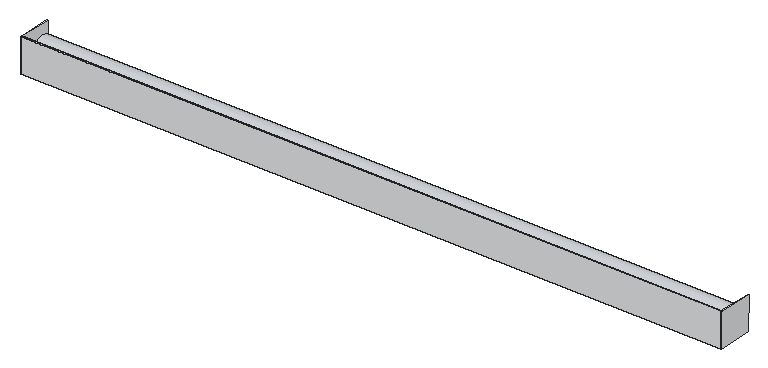
Revit family "Window_Shade-Draper_Inc.-Motorized_Flex", category Specialty Equipment, Revit 2012
Parameters (values of type "NOT A TYPE - LOAD TYPE CATALOG")
  Width = B1  # 0' - 4 11/16"
  Voltage = 120 V
  URL = "http://www.DraperInc.com"
  Standard 120V Motor = yes
  Square Fascia = yes
  Shade Material = Fabric - Draper - Green Screen Revive 5%
  Raised [instance] = not(Lowered)  # yes
  Radius Fascia = no
  R.T.S. Motor = no
  Quiet Motor = no
  Product Page URL = "http://www.draperinc.com/WindowShades/shadeProducts.asp?detail=3"
  Product Name = "Motorized FlexShade"  # constant formula
  Product Documentation Link = "http://www.draperinc.com/filedownload.asp?pathname=WindowShades/submittals&filename=MotorizedFlexShade_Sub.pdf"
  Power Factor = 1
  Phase = 1
  Overall Height = 5' - 9 1/2"
  Number of Poles = 1
  Notes = "Maximum size 168” x 168”. Other sizes available. Contact Draper for details."  # constant formula
  Not BO = not(Brackets Only)  # yes
  Model = "Motorized Flex"  # constant formula
  Min Length = if(Standard 120V Motor, 2' 0", if(R.T.S. Motor, 2' 3 1/8", if(Quiet Motor, 2' 10 5/8", if(Battery Operated Motor, 1' 2", if([24V DC Quiet Motor], 1' 6", 1' 2")))))  # 2' - 0"
  Material = ""
  Manufacturer Contact = "1-800-238-7999"  # constant formula
  Manufacturer = "Draper Inc."  # constant formula
  Lowered [instance] = no
  Length = 8' - 2 7/8"
  Head Box = no
  Frequency = 60 Hz
  Fascia Material = Paint - Draper - White
  Description = "Motorized Shade"  # constant formula
  Depth = A1  # 0' - 4 11/16"
  Constraint Length = if(Length < Min Length, Min Length, if(Length > 14' 0", 14' 0", Length))  # 8' - 2 7/8"
  Brackets Only = no
  Battery Operated Motor = no
  A2 = 0' - 2 1/2"
  B2 = 0' - 1 5/8"
  Apparent Load = 0 VA
  C2 = 0' - 0 3/4"
  A1 = 0' - 4 11/16"
  B1 = 0' - 4 11/16"
  C1 = 0' - 1 9/16"
  D1 = 0' - 0 5/8"
  E1 = 0' - 0 3/32"
  24V DC Quiet Motor = no
Reference planes (in)
  plane 1 "Center (Front/Back)": y = 0
  plane 2: z = 0
  plane 3 "Center (Left/Right)": x = 0
  plane 4 "Front": y = -4.6875
  plane 5 "Left": x = -49.4375
  plane 6 "Right": x = 49.4375
  plane 7 "Bottom": z = -69.5
  plane 8: x = -49.34375
  plane 9: x = 49.34375
  plane 10: z = -68.9775
  plane 11: x = -48.625
  plane 12: x = 48.625
  plane 13 "Top": z = 4.6875
  plane 14: y = -1.5625
Forms (in)
  Extrusion 1, solid, material "Fabric - Draper - Green Screen Revive 5%" <- "Shade Material", visible <- "Lowered"
    sketch origin (0, 0, 0) x (0, 1, 0) y (0, 0, 1)
      loop
        spline (-0.62504, -69.5) -> (-0.61311, -69.4726) -> (-0.6027, -69.43679) -> (-0.59419, -69.39386) -> (-0.58788, -69.34536) -> (-0.584, -69.29303) -> (-0.58269, -69.23875) -> (-0.584, -69.18447) -> (-0.58788, -69.13214) -> (-0.59419, -69.08364) -> (-0.6027, -69.04072) -> (-0.61311, -69.00491) -> (-0.62504, -68.9775)
        line (-0.62504, -68.9775) -> (-0.68598, -68.9775)
        spline (-0.68598, -68.9775) -> (-0.69791, -69.00491) -> (-0.70832, -69.04072) -> (-0.71683, -69.08364) -> (-0.72314, -69.13214) -> (-0.72702, -69.18447) -> (-0.72833, -69.23875) -> (-0.72702, -69.29303) -> (-0.72314, -69.34536) -> (-0.71683, -69.39386) -> (-0.70832, -69.43679) -> (-0.69791, -69.4726) -> (-0.68598, -69.5)
        line (-0.68598, -69.5) -> (-0.62504, -69.5)
    from -48.625 to 48.625
  Sweep 2, solid, material "Fabric - Draper - Green Screen Revive 5%" <- "Shade Material", visible <- "Lowered"
    path origin (0, 0, 0) x (0, 1, 0) y (0, 0, 1)
      loop
        line (-0.65551, 2.8125) -> (-0.65551, -68.9775)
    profile origin (0, -0.65551, -68.9775) x (1, 0, 0) y (0, 1, 0)
      loop
        line (-48.625, 0.03125) -> (-48.625, -0.03125) -> (48.625, -0.03125) -> (48.625, 0.03125) -> (-48.625, 0.03125)
Lines and regions (in)
  Masking region 1, visible <- "Not BO"
    outline origin (0, 0, 0) x (1, 0, 0) y (0, 1, 0)
      loop
        line (-49.4375, 0) -> (-49.4375, -4.6875) -> (49.4375, -4.6875) -> (49.4375, 0) -> (-49.4375, 0)
  Masking region 2, visible <- "Not BO"
    outline origin (0, 0, 0) x (1, 0, 0) y (0, 1, 0)
      loop
        line (49.4375, -4.6875) -> (49.4375, 0) -> (49.34375, 0) -> (49.34375, -4.6875) -> (49.4375, -4.6875)
  Masking region 3, visible <- "Not BO"
    outline origin (-98.4375, 0, 0) x (1, 0, 0) y (0, 1, 0)
      loop
        line (49.09375, -4.6875) -> (49.09375, 0) -> (49, 0) -> (49, -4.6875) -> (49.09375, -4.6875)
  Masking region 4
    outline origin (0, 0, 0) x (0, 1, 0) y (0, 0, 1)
      loop
        line (0, 4.6875) -> (-4.6875, 4.6875) -> (-4.6875, 0) -> (0, 0) -> (0, 4.6875)
  symbolic lines, detail levels medium+fine
    curve 1: line (49.33576, -0.06265, 0) -> (49.34375, -0.06265, 0)
    curve 2: line (49.33576, -0.06265, 0) -> (49.33576, -3.67689, 0)
    curve 3: line (49.33576, -3.67689, 0) -> (49.34375, -3.67689, 0)
    curve 6: line (49.4375, -4.5625, 0) -> (-49.4375, -4.5625, 0)
  symbolic lines, detail levels fine
    curve 4: circle (-49.19169, 0, 4.04999) r 0.0625 normal (0, -1, 0)
    curve 5: circle (49.19169, 0, 4.04999) r 0.0625 normal (0, 1, 0)
    curve 7: line (-49.34375, -0.49703, 0) -> (48.625, -0.49703, 0)
    curve 8: line (-49.34375, -1.40928, 0) -> (-49.34375, -0.49703, 0)
    curve 9: line (48.625, -1.40928, 0) -> (-49.34375, -1.40928, 0)
    curve 10: line (48.625, -0.49703, 0) -> (48.625, -1.40928, 0)
  reference lines
    curve 11: line (49.4375, -2.34375, 2.34375) -> (49.4375, 0, 2.34375)
Dimensions and locks (in)
  plane 1 "Center (Front/Back)" to plane 4 "Front" = 0' - 4 11/16"
  "E1": plane 5 "Left" to plane 8
  "E1": plane 9 to plane 6 "Right"
  locked: plane 10 to plane 7 "Bottom" at 0.5225
  locked: plane 5 "Left" to plane 11 at 0.8125
  locked: plane 12 to plane 6 "Right" at 0.8125
  Sweep 2 sketch curve to profile plane to Sweep 2 sketch curve = 0' - 0 1/32" locked, 0' - 0 1/32" locked
  plane 13 "Top" to Sweep 2 sketch curve = 0' - 1 7/8"
  "Depth": plane 1 "Center (Front/Back)" to plane 4 "Front"
  "Overall Height": plane 7 "Bottom" to level
  equal spacing: plane 5 "Left", plane 3 "Center (Left/Right)", plane 6 "Right"
  "Length": plane 5 "Left" to plane 6 "Right"
  locked: plane 10 to Sweep 2 sketch curve at 0
  locked: plane 1 "Center (Front/Back)" to Sweep 2 sketch curve at 0.65551
  locked: plane 13 "Top" to curve 4 at 0.63751
  locked: plane 5 "Left" to curve 4 at 0.24581
  locked: curve 5 to plane 6 "Right" at 0.24581
  locked: plane 13 "Top" to curve 5 at 0.63751
  "Width": plane 13 "Top" to plane 2
  Extrusion 1 sketch curve to Extrusion 1 sketch curve to Extrusion 1 sketch curve = 0' - 0.07282" locked, 0' - 0.07282" locked
  "C1": plane 1 "Center (Front/Back)" to plane 14
  equal spacing: plane 4 "Front", curve 11, plane 1 "Center (Front/Back)"
  equal spacing: plane 13 "Top", curve 11, plane 2
  aligned and locked: level to plane 2
  aligned and locked: plane 11 to Sweep 2 sketch curve
  aligned and locked: Sweep 2 sketch curve to plane 12
  aligned and locked: plane 4 "Front" to Masking region 2 sketch curve
  aligned and locked: plane 1 "Center (Front/Back)" to Masking region 3 sketch curve
  aligned and locked: plane 8 to Masking region 3 sketch curve
  aligned and locked: Masking region 3 sketch curve to plane 5 "Left"
  aligned and locked: plane 4 "Front" to Masking region 3 sketch curve
  aligned and locked: plane 9 to curve 1
  aligned and locked: plane 9 to curve 3
  aligned and locked: Extrusion 1 sketch curve to plane 7 "Bottom"
  aligned and locked: Extrusion 1 sketch curve to plane 10
  aligned and locked: plane 11 to Extrusion 1
  aligned and locked: Extrusion 1 to plane 12
  aligned and locked: plane 1 "Center (Front/Back)" to Masking region 1 sketch curve
  aligned and locked: Masking region 1 sketch curve to plane 5 "Left"
  aligned and locked: Masking region 1 sketch curve to plane 4 "Front"
  aligned and locked: Masking region 1 sketch curve to plane 6 "Right"
  aligned and locked: plane 6 "Right" to curve 6
  aligned and locked: plane 5 "Left" to curve 6
  aligned and locked: curve 8 to plane 8
  aligned and locked: plane 12 to curve 10
  aligned and locked: plane 3 "Center (Left/Right)" to nested 1
  aligned and locked: plane 1 "Center (Front/Back)" to nested 1
  aligned and locked: plane 13 "Top" to nested 1
  aligned and locked: plane 3 "Center (Left/Right)" to nested 2
  aligned and locked: plane 1 "Center (Front/Back)" to nested 2
  aligned and locked: plane 13 "Top" to nested 2
  aligned and locked: plane 3 "Center (Left/Right)" to nested 3
  aligned and locked: plane 1 "Center (Front/Back)" to nested 3
  aligned and locked: plane 13 "Top" to nested 3
  aligned and locked: plane 3 "Center (Left/Right)" to nested 4
  aligned and locked: plane 1 "Center (Front/Back)" to nested 4
  aligned and locked: plane 13 "Top" to nested 4
  aligned and locked: plane 1 "Center (Front/Back)" to curve 11
Automatic sketch dimensions
  plane 1 "Center (Front/Back)" to Masking region 2 sketch curve = 0' - 0"
  plane 1 "Center (Front/Back)" to Extrusion 1 sketch curve = 0' - 0.68598"
  Extrusion 1 sketch curve to Extrusion 1 sketch curve = 0' - 0"  (x3)
  Extrusion 1 sketch curve to Extrusion 1 sketch curve = 0' - 0.03047"
  Extrusion 1 sketch curve to plane 7 "Bottom" = 0' - 0.02639"
  curve 2 to curve 1 = 0' - 0.00799"
  plane 4 "Front" to curve 6 = 0' - 0 1/8"
  curve 6 to curve 2 = 0' - 0.88561"
  plane 1 "Center (Front/Back)" to curve 1 = 0' - 0.06265"
  plane 14 to curve 10 = 0' - 0.15322"
  plane 1 "Center (Front/Back)" to curve 10 = 0' - 0.49703"
  Masking region 4 sketch curve to plane 4 "Front" = 0' - 0"
  Masking region 4 sketch curve to plane 1 "Center (Front/Back)" = 0' - 0"
  Masking region 4 sketch curve to plane 13 "Top" = 0' - 0"
  Masking region 2 sketch curve to plane 9 = 0' - 0"
  Masking region 2 sketch curve to plane 6 "Right" = 0' - 0"
  Masking region 4 sketch curve to level = 0' - 0"
  curve 11 to plane 14 = 0' - 0 25/32"
  radius of curve 4 = 0' - 0 1/16"
  radius of curve 5 = 0' - 0 1/16"
Nested families (in)
  nested 1: "Brackets Only" at (0, 0, 0.0625), visible <- "Brackets Only", type "Large"
    with Raised yes
  nested 2: "Radius Fascia" at (0, 0, 0), visible <- "Radius Fascia", type "Large"
    with Raised yes
  nested 3: "Square Fascia" at (0, 0, 0), visible <- "Square Fascia", type "Large"
    with Raised yes, Width 0' - 4 11/16", Length 8' - 2 7/8", Depth 0' - 4 11/16", A1 0' - 4 11/16", B1 0' - 4 11/16", C1 0' - 1 9/16", E1 0' - 0 3/32"
  nested 4: "Head Box" at (0, 0, 0), visible <- "Head Box", type "Large"
    with Raised yes, Lowered no
Connectors (in)
  electrical at (49.4375, -2.34375, 2.34375), driven by "Voltage", driven by "Apparent Load", driven by "Power Factor", driven by "Number of Poles"
    settings: on curve 11, index 1, voltage 120 V, apparent load 0 VA, apparent load phase1 0 VA, apparent load phase2 0 VA, apparent load phase3 0 VA, power factor 1, load classification "Other", number of poles 1, system type 31, power factor state 1, is connector primary yes, connector utility no, sub classification motor no, connector description "Power Connection"
Definition of nested family "Brackets Only"
  Parameters (values of type "Large")
    URL = "http://www.DraperInc.com"
    Shade Material = none
    Raised [instance] = yes
    Product Page URL = "http://www.draperinc.com/WindowShades/shadeProducts.asp?detail=3"
    Product Name = "Motorized FlexShade"  # constant formula
    Product Documentation Link = "http://www.draperinc.com/filedownload.asp?pathname=WindowShades/CAD&filename=MotorizedFlexshade.pdf"
    Model = "Motorized Flex"  # constant formula
    Manufacturer Contact = "1-800-238-7999"  # constant formula
    Manufacturer = "Draper Inc."  # constant formula
    Length = 8' - 2 7/8"
    Fascia Material = none
    Description = "Motorized Shade"  # constant formula
    CB2 = if(B2 < 0' 1 5/8", 0' 1 5/8", if(B2 > 0' 2 1/4", 0' 2 1/4", B2))  # 0' - 1 5/8"
    CA2 = if(A2 < 0' 2 1/2", 0' 2 1/2", if(A2 > 0' 3 1/4", 0' 3 1/4", A2))  # 0' - 2 1/2"
    A2 = 0' - 2 1/2"
    B2 = 0' - 1 5/8"
    C2 = 0' - 0 3/4"  # constant formula
  Reference planes (in)
    plane 1 "Center (Front/Back)": y = 0
    plane 2: z = 0
    plane 3 "Center (Left/Right)": x = 0
    plane 4 "Front": y = -4.6875
    plane 5: x = -49.4375
    plane 6: x = 49.4375
    plane 7 "Top": z = 4.625
    plane 8: y = -1.625
    plane 9: z = 2.3125
    plane 10: z = 3.5625
    plane 11: z = 1.0625
    plane 12: x = 48.6875
    plane 13: x = -48.6875
  Forms (in)
    Extrusion 1, solid, material <- "Fascia Material"
      sketch origin (0, 0, 0) x (0, 1, 0) y (0, 0, 1)
        loop
          line (0, 3.5625) -> (-1.0625, 2.875) -> (-1.625, 2.875) -> (-1.625, 1.75) -> (-1.0625, 1.75) -> (0, 1.0625) -> (0, 3.5625)
      from -49.4375 to -48.6875
    Extrusion 2, solid, material <- "Fascia Material"
      sketch origin (0, 0, 0) x (0, 1, 0) y (0, 0, 1)
        loop
          line (0, 3.5625) -> (-1.0625, 2.875) -> (-1.625, 2.875) -> (-1.625, 1.75) -> (-1.0625, 1.75) -> (0, 1.0625) -> (0, 3.5625)
      from 48.6875 to 49.4375
    Extrusion 3, solid, material <- "Shade Material"
      sketch origin (0, 0, 0) x (0, 1, 0) y (0, 0, 1)
        loop
          circle (-1.125, 2.3125) r 1
      from -48.6875 to 48.6875
    Extrusion 4, solid, material <- "Fascia Material"
      sketch origin (0, 0, 0) x (1, 0, 0) y (0, 1, 0)
        loop
          line (-48.6875, 0) -> (-48.6875, -0.1875) -> (-47.6875, -0.1875) -> (-47.6875, 0) -> (-48.6875, 0)
      from 1.0625 to 3.5625
    Extrusion 5, solid, material <- "Fascia Material"
      sketch origin (4.5, 0, 0) x (1, 0, 0) y (0, 1, 0)
        loop
          line (43.1875, 0) -> (43.1875, -0.1875) -> (44.1875, -0.1875) -> (44.1875, 0) -> (43.1875, 0)
      from 1.0625 to 3.5625
  Lines and regions (in)
    symbolic lines, detail levels medium+fine
      curve 1: line (50.14826, -0.06265, 0) -> (50.15625, -0.06265, 0)
      curve 2: line (50.14826, -3.67689, 0) -> (50.15625, -3.67689, 0)
  Dimensions and locks (in)
    plane 1 "Center (Front/Back)" to plane 4 "Front" = 0' - 4 11/16"  (x2)
    plane 7 "Top" to plane 2 = 0' - 4 5/8"
    equal spacing: plane 7 "Top", plane 9, plane 2
    equal spacing: plane 10, plane 9, plane 11
    "CA2": plane 10 to plane 11
    "CB2": plane 1 "Center (Front/Back)" to plane 8
    equal spacing: Extrusion 1 sketch curve, plane 9, Extrusion 1 sketch curve
    locked: plane 10 to Extrusion 1 sketch curve at 0
    locked: plane 11 to Extrusion 1 sketch curve at 0
    "C2": plane 5 to plane 13
    "C2": plane 12 to plane 6
    Extrusion 2 sketch curve to Extrusion 2 sketch curve = 0' - 1 1/8"
    locked: Extrusion 3 sketch curve to plane 8 at 0.5
    locked: plane 9 to Extrusion 3 sketch curve at 0
    Extrusion 3 sketch curve to plane 9 = 0' - 1"
    locked: plane 13 to Extrusion 4 sketch curve at 1
    Extrusion 4 sketch curve to plane 1 "Center (Front/Back)" = 0' - 0 3/16"
    locked: Extrusion 5 to plane 12 at 1
    locked: Extrusion 5 to plane 1 "Center (Front/Back)" at 0.1875
    equal spacing: plane 5, plane 3 "Center (Left/Right)", plane 6
    "Length": plane 5 to plane 6
    aligned and locked: level to plane 2
    aligned and locked: plane 1 "Center (Front/Back)" to Extrusion 1 sketch curve
    aligned and locked: plane 5 to Extrusion 1
    aligned and locked: Extrusion 1 to plane 13
    aligned and locked: Extrusion 2 to plane 6
    aligned and locked: plane 12 to Extrusion 2
    aligned and locked: Extrusion 3 to plane 12
    aligned and locked: plane 13 to Extrusion 3
    aligned and locked: plane 1 "Center (Front/Back)" to Extrusion 4 sketch curve
    aligned and locked: plane 10 to Extrusion 4
    aligned and locked: Extrusion 4 to plane 11
    aligned and locked: Extrusion 5 to plane 12
    aligned and locked: plane 10 to Extrusion 5
    aligned and locked: Extrusion 5 to plane 11
  Automatic sketch dimensions
    Extrusion 1 sketch curve to plane 8 = 0' - 0"
    plane 1 "Center (Front/Back)" to Extrusion 1 sketch curve = 0' - 1 1/16"  (x2)
    Extrusion 1 sketch curve to plane 9 = 0' - 0 9/16"
    Extrusion 2 sketch curve to plane 8 = 0' - 0"
    Extrusion 2 sketch curve to plane 1 "Center (Front/Back)" = 0' - 0"
    Extrusion 2 sketch curve to plane 11 = 0' - 0"
    Extrusion 2 sketch curve to plane 10 = 0' - 0"
    plane 1 "Center (Front/Back)" to Extrusion 2 sketch curve = 0' - 1 1/16"  (x2)
    Extrusion 2 sketch curve to plane 9 = 0' - 0 9/16"
    plane 9 to Extrusion 2 sketch curve = 0' - 0 9/16"
    Extrusion 4 sketch curve to plane 13 = 0' - 0"
    plane 1 "Center (Front/Back)" to Extrusion 5 sketch curve = 0' - 0"
    plane 1 "Center (Front/Back)" to Extrusion 5 sketch curve = 0' - 0 3/16"
    Extrusion 5 sketch curve to plane 13 = 8' - 0 3/8"
    Extrusion 5 sketch curve to Extrusion 5 sketch curve = 0' - 1"
    curve 2 to curve 2 = 0' - 0.00799"
    curve 1 to curve 1 = 0' - 0.00799"
    plane 4 "Front" to curve 2 = 0' - 1.01061"
    plane 1 "Center (Front/Back)" to curve 1 = 0' - 0.06265"
    curve 2 to plane 6 = 0' - 0.71076"
    curve 1 to plane 6 = 0' - 0.71076"
Definition of nested family "Radius Fascia"
  Parameters (values of type "Large")
    Width = B1  # 0' - 4 11/16"
    URL = "http://www.DraperInc.com"
    Shade Material = none
    Raised [instance] = yes
    Product Page URL = "http://www.draperinc.com/WindowShades/shadeProducts.asp?detail=3"
    Product Name = "Motorized FlexShade"  # constant formula
    Product Documentation Link = "http://www.draperinc.com/filedownload.asp?pathname=WindowShades/CAD&filename=MotorizedFlexshade.pdf"
    Model = "Motorized Flex"  # constant formula
    Manufacturer Contact = "1-800-238-7999"  # constant formula
    Manufacturer = "Draper Inc."  # constant formula
    Length = 8' - 2 7/8"
    Fascia Material = none
    Description = "Motorized Shade"  # constant formula
    Depth = A1  # 0' - 4 11/16"
    A1 = 0' - 4 11/16"
    B1 = 0' - 4 11/16"
    C1 = 0' - 1 9/16"
    D1 = 0' - 0 5/8"
    E1 = 0' - 0 3/32"
  Reference planes (in)
    plane 1 "Center (Front/Back)": y = 0
    plane 2: z = 0
    plane 3 "Center (Left/Right)": x = 0
    plane 4 "Front": y = -4.6875
    plane 5 "Left": x = -49.4375
    plane 6 "Right": x = 49.4375
    plane 7: x = -49.34375
    plane 8: x = 49.34375
    plane 9: x = -48.625
    plane 10: x = 48.625
    plane 11 "Top": z = 4.6875
    plane 12: y = -1.5625
  Forms (in)
    Extrusion 1, solid, material <- "Fascia Material"
      sketch origin (0, 0, 0) x (0, 1, 0) y (0, 0, 1)
        loop
          line (-4.5625, 4.6875) -> (-4.6875, 4.6875) -> (-4.6875, 2)
          arc (-4.6875, 2) -> (-4.10171, 0.58579) -> (-2.6875, 0) r 2
          line (-2.6875, 0) -> (-1.40928, 0) -> (-1.40928, 0.125) -> (-2.69339, 0.125)
          arc (-2.69339, 0.125) -> (-4.01505, 0.67245) -> (-4.5625, 1.99411) r 1.86911
          line (-4.5625, 1.99411) -> (-4.5625, 4.6875)
      from -49.34375 to 49.36701
    Extrusion 2, solid, material <- "Fascia Material"
      sketch origin (0, 0, 0) x (0, 1, 0) y (0, 0, 1)
        loop
          line (-4.6875, 4.6875) -> (-4.6875, 2)
          arc (-4.6875, 2) -> (-4.10171, 0.58579) -> (-2.6875, 0) r 2
          line (-2.6875, 0) -> (0, 0) -> (0, 4.6875) -> (-4.6875, 4.6875)
      from 49.34375 to 49.4375
    Extrusion 3, solid, material <- "Fascia Material"
      sketch origin (0, 0, 0) x (0, 1, 0) y (0, 0, 1)
        loop
          line (0, 4.6875) -> (-4.6875, 4.6875) -> (-4.6875, 2)
          arc (-4.6875, 2) -> (-4.10171, 0.58579) -> (-2.6875, 0) r 2
          line (-2.6875, 0) -> (0, 0) -> (0, 4.6875)
      from -49.4375 to -49.34375
    Extrusion 4, solid, material <- "Shade Material"
      sketch origin (0, 0, 0) x (0, 1, 0) y (0, 0, 1)
        loop
          circle (-1.75, 2.34375) r 1.5
      from -48.625 to 48.625
  Lines and regions (in)
    Masking region 1
      outline origin (0, 0, 0) x (1, 0, 0) y (0, 1, 0)
        loop
          line (-49.4375, 0) -> (-49.4375, -4.6875) -> (49.4375, -4.6875) -> (49.4375, 0) -> (-49.4375, 0)
    Masking region 2
      outline origin (0, 0, 0) x (1, 0, 0) y (0, 1, 0)
        loop
          line (49.4375, -4.6875) -> (49.4375, 0) -> (49.34375, 0) -> (49.34375, -4.6875) -> (49.4375, -4.6875)
    Masking region 3
      outline origin (-98.4375, 0, 0) x (1, 0, 0) y (0, 1, 0)
        loop
          line (49.09375, -4.6875) -> (49.09375, 0) -> (49, 0) -> (49, -4.6875) -> (49.09375, -4.6875)
    Masking region 4
      outline origin (0, 0, 0) x (0, 1, 0) y (0, 0, 1)
        loop
          line (0, 4.6875) -> (-4.6875, 4.6875) -> (-4.6875, 2)
          arc (-4.6875, 2) -> (-4.10171, 0.58579) -> (-2.6875, 0) r 2
          line (-2.6875, 0) -> (0, 0) -> (0, 4.6875)
    symbolic lines, detail levels medium+fine
      curve 1: line (49.33576, -0.06265, 0) -> (49.34375, -0.06265, 0)
      curve 2: line (49.33576, -0.06265, 0) -> (49.33576, -3.67689, 0)
      curve 3: line (49.33576, -3.67689, 0) -> (49.34375, -3.67689, 0)
      curve 6: line (49.4375, -4.5625, 0) -> (-49.4375, -4.5625, 0)
    symbolic lines, detail levels fine
      curve 4: circle (-49.19169, 0, 4.04999) r 0.0625 normal (0, -1, 0)
      curve 5: circle (49.19169, 0, 4.04999) r 0.0625 normal (0, 1, 0)
      curve 7: line (-49.34375, -0.49703, 0) -> (48.625, -0.49703, 0)
      curve 8: line (-49.34375, -1.40928, 0) -> (-49.34375, -0.49703, 0)
      curve 9: line (48.625, -1.40928, 0) -> (-49.34375, -1.40928, 0)
      curve 10: line (48.625, -0.49703, 0) -> (48.625, -1.40928, 0)
  Dimensions and locks (in)
    plane 1 "Center (Front/Back)" to plane 4 "Front" = 0' - 4 11/16"
    "E1": plane 5 "Left" to plane 7
    "E1": plane 8 to plane 6 "Right"
    locked: plane 5 "Left" to plane 9 at 0.8125
    locked: plane 10 to plane 6 "Right" at 0.8125
    "Depth": plane 1 "Center (Front/Back)" to plane 4 "Front"
    equal spacing: plane 5 "Left", plane 3 "Center (Left/Right)", plane 6 "Right"
    "Length": plane 5 "Left" to plane 6 "Right"
    plane 5 "Left" to Extrusion 1 = 0' - 0 3/32"
    locked: Extrusion 1 to plane 6 "Right" at 0.07049
    locked: plane 11 "Top" to curve 4 at 0.63751
    locked: plane 5 "Left" to curve 4 at 0.24581
    locked: curve 5 to plane 6 "Right" at 0.24581
    locked: plane 11 "Top" to curve 5 at 0.63751
    "Width": plane 11 "Top" to plane 2
    locked: Extrusion 1 sketch curve to plane 4 "Front" at 0.125
    locked: Extrusion 1 sketch curve to plane 2 at 0.125
    "C1": plane 1 "Center (Front/Back)" to plane 12
    locked: Extrusion 1 to plane 4 "Front" at 0.125
    locked: Extrusion 1 sketch curve to plane 2 at 2
    locked: Extrusion 1 sketch curve to level at 1.99411
    locked: Extrusion 1 sketch curve to plane 4 "Front" at 2
    locked: Extrusion 1 sketch curve to plane 4 "Front" at 1.99411
    locked: Masking region 4 sketch curve to plane 4 "Front" at 2
    locked: Masking region 4 sketch curve to level at 2
    locked: Extrusion 3 sketch curve to plane 2 at 2
    locked: Extrusion 3 sketch curve to plane 4 "Front" at 2
    locked: Extrusion 2 sketch curve to plane 4 "Front" at 2
    locked: Extrusion 2 sketch curve to plane 2 at 2
    locked: plane 1 "Center (Front/Back)" to Extrusion 4 sketch curve at 1.75
    equal spacing: plane 11 "Top", Extrusion 4 sketch curve, plane 2
    aligned and locked: level to plane 2
    aligned and locked: Extrusion 2 to plane 6 "Right"
    aligned and locked: plane 8 to Extrusion 2
    aligned and locked: plane 5 "Left" to Extrusion 3
    aligned and locked: Extrusion 3 to plane 7
    aligned and locked: Masking region 2 sketch curve to Extrusion 2  (x2)
    aligned and locked: plane 4 "Front" to Masking region 2 sketch curve
    aligned and locked: plane 1 "Center (Front/Back)" to Masking region 3 sketch curve
    aligned and locked: plane 7 to Masking region 3 sketch curve
    aligned and locked: Masking region 3 sketch curve to plane 5 "Left"
    aligned and locked: plane 4 "Front" to Masking region 3 sketch curve
    aligned and locked: plane 8 to curve 1
    aligned and locked: plane 8 to curve 3
    aligned and locked: plane 11 "Top" to Extrusion 3 sketch curve
    aligned and locked: Extrusion 3 sketch curve to plane 1 "Center (Front/Back)"
    aligned and locked: Extrusion 3 sketch curve to level
    aligned and locked: Extrusion 3 sketch curve to plane 4 "Front"
    aligned and locked: Extrusion 2 to Extrusion 1 sketch curve  (x2)
    aligned and locked: Extrusion 1 sketch curve to Extrusion 2
    aligned and locked: plane 7 to Extrusion 1
    aligned and locked: plane 1 "Center (Front/Back)" to Masking region 1 sketch curve
    aligned and locked: Masking region 1 sketch curve to plane 5 "Left"
    aligned and locked: Masking region 1 sketch curve to plane 4 "Front"
    aligned and locked: Masking region 1 sketch curve to plane 6 "Right"
    aligned and locked: plane 6 "Right" to curve 6
    aligned and locked: plane 5 "Left" to curve 6
    aligned and locked: Masking region 4 sketch curve to Extrusion 1  (x2)
    aligned and locked: Extrusion 2 to Masking region 4 sketch curve
    aligned and locked: curve 8 to plane 7
    aligned and locked: plane 10 to curve 10
    aligned and locked: Extrusion 1 to curve 9
    aligned and locked: plane 9 to Extrusion 4
    aligned and locked: Extrusion 4 to plane 10
  Automatic sketch dimensions
    plane 1 "Center (Front/Back)" to Masking region 2 sketch curve = 0' - 0"
    curve 2 to curve 1 = 0' - 0.00799"
    plane 4 "Front" to curve 3 = 0' - 1.01061"
    plane 4 "Front" to curve 6 = 0' - 0 1/8"
    plane 1 "Center (Front/Back)" to curve 10 = 0' - 0.49703"
    plane 1 "Center (Front/Back)" to curve 1 = 0' - 0.06265"
    Masking region 4 sketch curve to plane 1 "Center (Front/Back)" = 0' - 0"
    plane 12 to Extrusion 1 sketch curve = 0' - 0.15322"
    Extrusion 2 sketch curve to plane 4 "Front" = 0' - 0"
    Extrusion 2 sketch curve to plane 1 "Center (Front/Back)" = 0' - 0"
    Extrusion 2 sketch curve to plane 11 "Top" = 0' - 0"
    radius of curve 4 = 0' - 0 1/16"
    radius of curve 5 = 0' - 0 1/16"
    radius of Extrusion 4 sketch curve = 0' - 1 1/2"
Definition of nested family "Square Fascia"
  Parameters (values of type "Large")
    Width = B1  # 0' - 3 7/16"
    URL = "http://www.DraperInc.com"
    Shade Material = none
    Raised [instance] = yes
    Product Page URL = "http://www.draperinc.com/WindowShades/shadeProducts.asp?detail=3"
    Product Name = "Motorized FlexShade"  # constant formula
    Product Documentation Link = "http://www.draperinc.com/filedownload.asp?pathname=WindowShades/CAD&filename=MotorizedFlexshade.pdf"
    Model = "Motorized Flex"  # constant formula
    Manufacturer Contact = "1-800-238-7999"  # constant formula
    Manufacturer = "Draper Inc."  # constant formula
    Length = 4' - 0"
    Fascia Material = Paint - Draper - White
    Description = "Motorized Shade"  # constant formula
    Depth = A1  # 0' - 3 15/16"
    A1 = 0' - 3 15/16"
    B1 = 0' - 3 7/16"
    C1 = 0' - 1 3/16"
    D1 = 0' - 0 5/8"
    E1 = 0' - 0 1/16"
  Reference planes (in)
    plane 1 "Center (Front/Back)": y = 0
    plane 2: z = 0
    plane 3 "Center (Left/Right)": x = 0
    plane 4 "Front": y = -3.9375
    plane 5 "Left": x = -24
    plane 6 "Right": x = 24
    plane 7: x = -23.9375
    plane 8: x = 23.9375
    plane 9: x = -23.1875
    plane 10: x = 23.1875
    plane 11 "Top": z = 3.4375
    plane 12: y = -1.1875
  Forms (in)
    Extrusion 1, solid, material "Paint - Draper - White" <- "Fascia Material"
      sketch origin (0, 0, 0) x (0, 1, 0) y (0, 0, 1)
        loop
          line (-3.8125, 3.4375) -> (-3.9375, 3.4375) -> (-3.9375, 0) -> (-1.40928, 0) -> (-1.40928, 0.125) -> (-3.8125, 0.125) -> (-3.8125, 3.4375)
      from -23.9375 to 23.92951
    Extrusion 2, solid, material "Paint - Draper - White" <- "Fascia Material"
      sketch origin (0, 0, 0) x (0, 1, 0) y (0, 0, 1)
        loop
          line (-3.9375, 3.4375) -> (-3.9375, 0) -> (0, 0) -> (0, 3.4375) -> (-3.9375, 3.4375)
      from 23.9375 to 24
    Extrusion 3, solid, material "Paint - Draper - White" <- "Fascia Material"
      sketch origin (0, 0, 0) x (0, 1, 0) y (0, 0, 1)
        loop
          line (0, 3.4375) -> (-3.9375, 3.4375) -> (-3.9375, 0) -> (0, 0) -> (0, 3.4375)
      from -24 to -23.9375
    Extrusion 4, solid
      sketch origin (0, 0, 0) x (0, 1, 0) y (0, 0, 1)
        loop
          circle (-1.75, 1.71875) r 1.5
      from -23.1875 to 23.1875
  Lines and regions (in)
    Masking region 1
      outline origin (0, 0, 0) x (1, 0, 0) y (0, 1, 0)
        loop
          line (-24, 0) -> (-24, -3.9375) -> (24, -3.9375) -> (24, 0) -> (-24, 0)
    Masking region 2
      outline origin (0, 0, 0) x (1, 0, 0) y (0, 1, 0)
        loop
          line (24, -3.9375) -> (24, 0) -> (23.9375, 0) -> (23.9375, -3.9375) -> (24, -3.9375)
    Masking region 3
      outline origin (-98.4375, 0, 0) x (1, 0, 0) y (0, 1, 0)
        loop
          line (74.5, -3.9375) -> (74.5, 0) -> (74.4375, 0) -> (74.4375, -3.9375) -> (74.5, -3.9375)
    Masking region 4
      outline origin (0, 0, 0) x (0, 1, 0) y (0, 0, 1)
        loop
          line (0, 3.4375) -> (-3.9375, 3.4375) -> (-3.9375, 0) -> (0, 0) -> (0, 3.4375)
    symbolic lines, detail levels medium+fine
      curve 1: line (23.92951, -0.06265, 0) -> (23.9375, -0.06265, 0)
      curve 2: line (23.92951, -0.06265, 0) -> (23.92951, -2.92689, 0)
      curve 3: line (23.92951, -2.92689, 0) -> (23.9375, -2.92689, 0)
      curve 6: line (24, -3.8125, 0) -> (-24, -3.8125, 0)
    symbolic lines, detail levels fine
      curve 4: circle (-23.75419, 0, 2.79999) r 0.0625 normal (0, -1, 0)
      curve 5: circle (23.75419, 0, 2.79999) r 0.0625 normal (0, 1, 0)
      curve 7: line (-23.9375, -0.49703, 0) -> (23.1875, -0.49703, 0)
      curve 8: line (-23.9375, -1.40928, 0) -> (-23.9375, -0.49703, 0)
      curve 9: line (23.1875, -1.40928, 0) -> (-23.9375, -1.40928, 0)
      curve 10: line (23.1875, -0.49703, 0) -> (23.1875, -1.40928, 0)
  Dimensions and locks (in)
    plane 1 "Center (Front/Back)" to plane 4 "Front" = 0' - 3 15/16"
    "E1": plane 5 "Left" to plane 7
    "E1": plane 8 to plane 6 "Right"
    locked: plane 5 "Left" to plane 9 at 0.8125
    locked: plane 10 to plane 6 "Right" at 0.8125
    "Depth": plane 1 "Center (Front/Back)" to plane 4 "Front"
    equal spacing: plane 5 "Left", plane 3 "Center (Left/Right)", plane 6 "Right"
    "Length": plane 5 "Left" to plane 6 "Right"
    plane 5 "Left" to Extrusion 1 = 0' - 0 1/16"
    locked: Extrusion 1 to plane 6 "Right" at 0.07049
    locked: plane 11 "Top" to curve 4 at 0.63751
    locked: plane 5 "Left" to curve 4 at 0.24581
    locked: curve 5 to plane 6 "Right" at 0.24581
    locked: plane 11 "Top" to curve 5 at 0.63751
    "Width": plane 11 "Top" to plane 2
    locked: Extrusion 1 sketch curve to plane 4 "Front" at 0.125
    locked: Extrusion 1 sketch curve to plane 2 at 0.125
    "C1": plane 1 "Center (Front/Back)" to plane 12
    locked: Extrusion 1 to plane 4 "Front" at 0.125
    equal spacing: plane 11 "Top", Extrusion 4 sketch curve, plane 2
    plane 1 "Center (Front/Back)" to Extrusion 4 sketch curve = 0' - 1 3/4"
    aligned and locked: level to plane 2
    aligned and locked: Extrusion 2 to plane 6 "Right"
    aligned and locked: plane 8 to Extrusion 2
    aligned and locked: plane 5 "Left" to Extrusion 3
    aligned and locked: Extrusion 3 to plane 7
    aligned and locked: Masking region 2 sketch curve to Extrusion 2  (x2)
    aligned and locked: plane 4 "Front" to Masking region 2 sketch curve
    aligned and locked: plane 1 "Center (Front/Back)" to Masking region 3 sketch curve
    aligned and locked: plane 7 to Masking region 3 sketch curve
    aligned and locked: Masking region 3 sketch curve to plane 5 "Left"
    aligned and locked: plane 4 "Front" to Masking region 3 sketch curve
    aligned and locked: plane 8 to curve 1
    aligned and locked: plane 8 to curve 3
    aligned and locked: plane 11 "Top" to Extrusion 3 sketch curve
    aligned and locked: Extrusion 3 sketch curve to plane 1 "Center (Front/Back)"
    aligned and locked: Extrusion 3 sketch curve to level
    aligned and locked: Extrusion 3 sketch curve to plane 4 "Front"
    aligned and locked: Extrusion 2 to Extrusion 1 sketch curve
    aligned and locked: Extrusion 1 sketch curve to Extrusion 2  (x2)
    aligned and locked: plane 7 to Extrusion 1
    aligned and locked: plane 1 "Center (Front/Back)" to Masking region 1 sketch curve
    aligned and locked: Masking region 1 sketch curve to plane 5 "Left"
    aligned and locked: Masking region 1 sketch curve to plane 4 "Front"
    aligned and locked: Masking region 1 sketch curve to plane 6 "Right"
    aligned and locked: plane 6 "Right" to curve 6
    aligned and locked: plane 5 "Left" to curve 6
    aligned and locked: Masking region 4 sketch curve to Extrusion 1  (x2)
    aligned and locked: Masking region 4 sketch curve to Extrusion 2
    aligned and locked: curve 8 to plane 7
    aligned and locked: plane 10 to curve 10
    aligned and locked: Extrusion 1 to curve 9
    aligned and locked: plane 9 to Extrusion 4
    aligned and locked: Extrusion 4 to plane 10
  Automatic sketch dimensions
    plane 1 "Center (Front/Back)" to Masking region 2 sketch curve = 0' - 0"
    Extrusion 2 sketch curve to level = 0' - 0"
    Extrusion 2 sketch curve to plane 4 "Front" = 0' - 0"
    Extrusion 2 sketch curve to plane 1 "Center (Front/Back)" = 0' - 0"
    Extrusion 2 sketch curve to plane 11 "Top" = 0' - 0"
    plane 1 "Center (Front/Back)" to Extrusion 1 sketch curve = 0' - 1.40928"
    curve 2 to curve 1 = 0' - 0.00799"
    plane 4 "Front" to curve 6 = 0' - 0 1/8"
    curve 6 to curve 2 = 0' - 0.88561"
    plane 1 "Center (Front/Back)" to curve 1 = 0' - 0.06265"
    plane 1 "Center (Front/Back)" to curve 10 = 0' - 0.49703"
    Masking region 4 sketch curve to plane 1 "Center (Front/Back)" = 0' - 0"
    radius of curve 4 = 0' - 0 1/16"
    radius of curve 5 = 0' - 0 1/16"
    radius of Extrusion 4 sketch curve = 0' - 1 1/2"
Definition of nested family "Head Box"
  Parameters (values of type "Large")
    Width = B1  # 0' - 4 11/16"
    URL = "http://www.DraperInc.com"
    Raised [instance] = not(Lowered)  # yes
    Product Page URL = "http://www.draperinc.com/WindowShades/shadeProducts.asp?detail=3"
    Product Name = "Motorized FlexShade"  # constant formula
    Product Documentation Link = "http://www.draperinc.com/filedownload.asp?pathname=WindowShades/CAD&filename=MotorizedFlexshade.pdf"
    Model = "Motorized Flex"  # constant formula
    Manufacturer Contact = "1-800-238-7999"  # constant formula
    Manufacturer = "Draper Inc."  # constant formula
    Overall Height = 5' - 9 1/2"
    Lowered [instance] = no
    Length = 8' - 2 7/8"
    Fascia Material = none
    Description = "Motorized Shade"  # constant formula
    Depth = A1  # 0' - 4 11/16"
    A1 = 0' - 4 11/16"
    B1 = 0' - 4 11/16"
    C1 = 0' - 1 9/16"
    D1 = 0' - 0 5/8"
    E1 = 0' - 0 3/32"
  Reference planes (in)
    plane 1 "Center (Front/Back)": y = 0
    plane 2: z = 0
    plane 3 "Center (Left/Right)": x = 0
    plane 4 "Front": y = -4.6875
    plane 5 "Left": x = -49.4375
    plane 6 "Right": x = 49.4375
    plane 7: x = -49.34375
    plane 8: x = 49.34375
    plane 9: x = -48.625
    plane 10: x = 48.625
    plane 11 "Top": z = 4.6875
    plane 12: y = -1.5625
  Forms (in)
    Extrusion 1, solid, material <- "Fascia Material"
      sketch origin (0, 0, 0) x (0, 1, 0) y (0, 0, 1)
        loop
          line (0, 4.6875) -> (-4.6875, 4.6875) -> (-4.6875, 0) -> (-1.40928, 0) -> (-1.40928, 0.125) -> (-4.5625, 0.125) -> (-4.5625, 4.5625) -> (-0.125, 4.5625) -> (-0.125, 0.125) -> (-0.49703, 0.125) -> (-0.49703, 0) -> (0, 0) -> (0, 4.6875)
      from -49.34375 to 49.36701
    Extrusion 2, solid, material <- "Fascia Material"
      sketch origin (0, 0, 0) x (0, 1, 0) y (0, 0, 1)
        loop
          line (-4.6875, 4.6875) -> (-4.6875, 0) -> (0, 0) -> (0, 4.6875) -> (-4.6875, 4.6875)
      from 49.34375 to 49.4375
    Extrusion 3, solid, material <- "Fascia Material"
      sketch origin (0, 0, 0) x (0, 1, 0) y (0, 0, 1)
        loop
          line (0, 4.6875) -> (-4.6875, 4.6875) -> (-4.6875, 0) -> (0, 0) -> (0, 4.6875)
      from -49.4375 to -49.34375
  Lines and regions (in)
    Masking region 1
      outline origin (0, 0, 0) x (1, 0, 0) y (0, 1, 0)
        loop
          line (-49.4375, 0) -> (-49.4375, -4.6875) -> (49.4375, -4.6875) -> (49.4375, 0) -> (-49.4375, 0)
    Masking region 2
      outline origin (0, 0, 0) x (1, 0, 0) y (0, 1, 0)
        loop
          line (49.4375, -4.6875) -> (49.4375, 0) -> (49.34375, 0) -> (49.34375, -4.6875) -> (49.4375, -4.6875)
    Masking region 3
      outline origin (-98.4375, 0, 0) x (1, 0, 0) y (0, 1, 0)
        loop
          line (49.09375, -4.6875) -> (49.09375, 0) -> (49, 0) -> (49, -4.6875) -> (49.09375, -4.6875)
    Masking region 4
      outline origin (0, 0, 0) x (0, 1, 0) y (0, 0, 1)
        loop
          line (0, 4.6875) -> (-4.6875, 4.6875) -> (-4.6875, 0) -> (0, 0) -> (0, 4.6875)
    symbolic lines, detail levels medium+fine
      curve 1: line (49.33576, -0.06265, 0) -> (49.34375, -0.06265, 0)
      curve 2: line (49.33576, -0.06265, 0) -> (49.33576, -3.67689, 0)
      curve 3: line (49.33576, -3.67689, 0) -> (49.34375, -3.67689, 0)
      curve 6: line (49.4375, -4.5625, 0) -> (-49.4375, -4.5625, 0)
    symbolic lines, detail levels fine
      curve 4: circle (-49.19169, 0, 4.04999) r 0.0625 normal (0, -1, 0)
      curve 5: circle (49.19169, 0, 4.04999) r 0.0625 normal (0, 1, 0)
      curve 7: line (-49.34375, -0.49703, 0) -> (48.625, -0.49703, 0)
      curve 8: line (-49.34375, -1.40928, 0) -> (-49.34375, -0.49703, 0)
      curve 9: line (48.625, -1.40928, 0) -> (-49.34375, -1.40928, 0)
      curve 10: line (48.625, -0.49703, 0) -> (48.625, -1.40928, 0)
  Dimensions and locks (in)
    plane 1 "Center (Front/Back)" to plane 4 "Front" = 0' - 4 11/16"
    "E1": plane 5 "Left" to plane 7
    "E1": plane 8 to plane 6 "Right"
    locked: plane 5 "Left" to plane 9 at 0.8125
    locked: plane 10 to plane 6 "Right" at 0.8125
    "Depth": plane 1 "Center (Front/Back)" to plane 4 "Front"
    equal spacing: plane 5 "Left", plane 3 "Center (Left/Right)", plane 6 "Right"
    "Length": plane 5 "Left" to plane 6 "Right"
    plane 5 "Left" to Extrusion 1 = 0' - 0 3/32"
    locked: Extrusion 1 to plane 6 "Right" at 0.07049
    locked: plane 11 "Top" to curve 4 at 0.63751
    locked: plane 5 "Left" to curve 4 at 0.24581
    locked: curve 5 to plane 6 "Right" at 0.24581
    locked: plane 11 "Top" to curve 5 at 0.63751
    "Width": plane 11 "Top" to plane 2
    locked: plane 1 "Center (Front/Back)" to Extrusion 1 sketch curve at 0.125
    locked: Extrusion 1 sketch curve to plane 4 "Front" at 0.125
    locked: plane 11 "Top" to Extrusion 1 sketch curve at 0.125
    locked: Extrusion 1 sketch curve to plane 2 at 0.125  (x2)
    "C1": plane 1 "Center (Front/Back)" to plane 12
    locked: Extrusion 1 to plane 4 "Front" at 0.125
    aligned and locked: level to plane 2
    aligned and locked: Extrusion 2 to plane 6 "Right"
    aligned and locked: plane 8 to Extrusion 2
    aligned and locked: plane 5 "Left" to Extrusion 3
    aligned and locked: Extrusion 3 to plane 7
    aligned and locked: Masking region 2 sketch curve to Extrusion 2  (x2)
    aligned and locked: plane 4 "Front" to Masking region 2 sketch curve
    aligned and locked: plane 1 "Center (Front/Back)" to Masking region 3 sketch curve
    aligned and locked: plane 7 to Masking region 3 sketch curve
    aligned and locked: Masking region 3 sketch curve to plane 5 "Left"
    aligned and locked: plane 4 "Front" to Masking region 3 sketch curve
    aligned and locked: plane 8 to curve 1
    aligned and locked: plane 8 to curve 3
    aligned and locked: plane 11 "Top" to Extrusion 3 sketch curve
    aligned and locked: Extrusion 3 sketch curve to plane 1 "Center (Front/Back)"
    aligned and locked: Extrusion 3 sketch curve to level
    aligned and locked: Extrusion 3 sketch curve to plane 4 "Front"
    aligned and locked: Extrusion 1 sketch curve to Extrusion 2  (x4)
    aligned and locked: plane 7 to Extrusion 1
    aligned and locked: plane 1 "Center (Front/Back)" to Masking region 1 sketch curve
    aligned and locked: Masking region 1 sketch curve to plane 5 "Left"
    aligned and locked: Masking region 1 sketch curve to plane 4 "Front"
    aligned and locked: Masking region 1 sketch curve to plane 6 "Right"
    aligned and locked: plane 6 "Right" to curve 6
    aligned and locked: plane 5 "Left" to curve 6
    aligned and locked: Masking region 4 sketch curve to Extrusion 1  (x3)
    aligned and locked: Masking region 4 sketch curve to Extrusion 2
    aligned and locked: curve 8 to plane 7
    aligned and locked: plane 10 to curve 10
    aligned and locked: curve 7 to Extrusion 1
    aligned and locked: Extrusion 1 to curve 9
  Automatic sketch dimensions
    plane 1 "Center (Front/Back)" to Masking region 2 sketch curve = 0' - 0"
    Extrusion 2 sketch curve to level = 0' - 0"
    Extrusion 2 sketch curve to plane 4 "Front" = 0' - 0"
    Extrusion 2 sketch curve to plane 1 "Center (Front/Back)" = 0' - 0"
    Extrusion 2 sketch curve to plane 11 "Top" = 0' - 0"
    plane 1 "Center (Front/Back)" to Extrusion 1 sketch curve = 0' - 1.40928"
    plane 1 "Center (Front/Back)" to Extrusion 1 sketch curve = 0' - 0.49703"
    Extrusion 1 sketch curve to level = 0' - 0"
    curve 2 to curve 1 = 0' - 0.00799"
    plane 4 "Front" to curve 6 = 0' - 0 1/8"
    curve 6 to curve 2 = 0' - 0.88561"
    plane 1 "Center (Front/Back)" to curve 1 = 0' - 0.06265"
    radius of curve 4 = 0' - 0 1/16"
    radius of curve 5 = 0' - 0 1/16"
Types in the file's own list only (8): name | Width | Square Fascia | Radius Fascia | Product Documentation Link | Overall Height | Not BO | Length | Head Box | Depth | Constraint Length | Brackets Only | A2 | B2 | Apparent Load | C2 | A1 | B1 | C1 | D1 | E1
  Large - Square Fascia | 4 11/16" | Yes | No | "http://www.draperinc.com/filedownload.asp?pathname=WindowShades/submittals&filename=MotorizedFlexShade_Sub.pdf" | 5' - 9 1/2" | Yes | 8' - 2 7/8" | No | 4 11/16" | 8' - 2 7/8" | No | 2 1/2" | 1 5/8" | 0 VA | 3/4" | 4 11/16" | 4 11/16" | 1 9/16" | 5/8" | 3/32"
  Small - Square Fascia | 3 7/16" | Yes | No | "http://www.draperinc.com/filedownload.asp?pathname=WindowShades/CAD&filename=MotorizedFlexshade.pdf" | 6' - 0" | Yes | 4' - 0" | No | 3 15/16" | 4' - 0" | No | 0" | 0" | 156 VA | 0" | 3 15/16" | 3 7/16" | 1 3/16" | 5/8" | 1/16"
  Large - Radius Fascia | 4 11/16" | No | Yes | "http://www.draperinc.com/filedownload.asp?pathname=WindowShades/submittals&filename=MotorizedFlexShade_Sub.pdf" | 5' - 9 1/2" | Yes | 8' - 2 7/8" | No | 4 11/16" | 8' - 2 7/8" | No | 2 1/2" | 1 5/8" | 0 VA | 3/4" | 4 11/16" | 4 11/16" | 1 9/16" | 5/8" | 3/32"
  Small - Radius Fascia | 3 7/16" | No | Yes | "http://www.draperinc.com/filedownload.asp?pathname=WindowShades/CAD&filename=MotorizedFlexshade.pdf" | 6' - 0" | Yes | 4' - 0" | No | 3 15/16" | 4' - 0" | No | 0" | 0" | 156 VA | 0" | 3 15/16" | 3 7/16" | 1 3/16" | 5/8" | 1/16"
  Large - Headbox | 4 11/16" | No | No | "http://www.draperinc.com/filedownload.asp?pathname=WindowShades/submittals&filename=MotorizedFlexShade_Sub.pdf" | 5' - 9 1/2" | Yes | 8' - 2 7/8" | Yes | 4 11/16" | 8' - 2 7/8" | No | 2 1/2" | 1 5/8" | 0 VA | 3/4" | 4 11/16" | 4 11/16" | 1 9/16" | 5/8" | 3/32"
  Small - Headbox | 3 7/16" | No | No | "http://www.draperinc.com/filedownload.asp?pathname=WindowShades/CAD&filename=MotorizedFlexshade.pdf" | 6' - 0" | Yes | 4' - 0" | Yes | 3 15/16" | 4' - 0" | No | 0" | 0" | 156 VA | 0" | 3 15/16" | 3 7/16" | 1 3/16" | 5/8" | 1/16"
  Large - Bracket Only | 4 11/16" | No | No | "http://www.draperinc.com/filedownload.asp?pathname=WindowShades/submittals&filename=MotorizedFlexShade_Sub.pdf" | 5' - 9 1/2" | No | 8' - 2 7/8" | No | 4 11/16" | 8' - 2 7/8" | Yes | 2 1/2" | 1 5/8" | 0 VA | 3/4" | 4 11/16" | 4 11/16" | 1 9/16" | 5/8" | 3/32"
  Small - Bracket Only | 3 7/16" | No | No | "http://www.draperinc.com/filedownload.asp?pathname=WindowShades/submittals&filename=MotorizedFlexShade_Sub.pdf" | 6' - 0" | No | 4' - 0" | No | 3 15/16" | 4' - 0" | Yes | 0" | 0" | 156 VA | 0" | 3 15/16" | 3 7/16" | 1 3/16" | 5/8" | 1/16"
